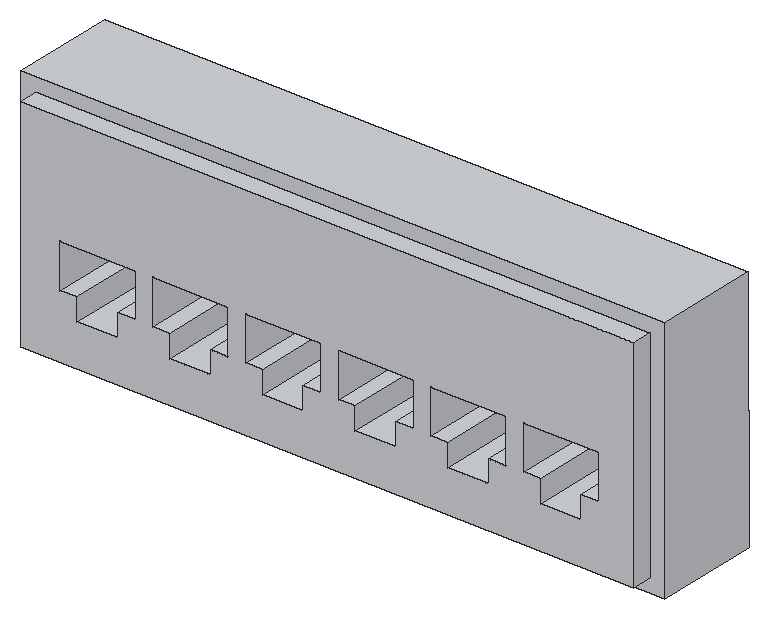
Revit family
Parameters (values of type "TEXT")
  Material ID = "760151183"
  Description = "SYSTIMAX 360 GigaSPEED X10D 1100GS6 Evolve U/UTP Distribution Module, 6 port"
Reference planes (in)
  plane 1 "Center (Front/Back)": y = 0
  plane 2: z = 0
  plane 3 "Center (Left/Right)": x = 0
Forms (in)
  Extrusion 1, solid
    sketch origin (0, 0, 0) x (1, 0, 0) y (0, 0, 1)
      loop
        line (-2.1, 0.805) -> (-2.1, -0.805) -> (2.1, -0.805) -> (2.1, 0.805) -> (-2.1, 0.805)
    from 0 to 0.81
  Extrusion 2, void
    sketch origin (0, 0, 0) x (1, 0, 0) y (0, 0, 1)
      loop
        line (-1.74, -0.005) -> (-1.74, -0.295) -> (-1.63, -0.295) -> (-1.63, -0.44156) -> (-1.3648, -0.44156) -> (-1.3648, -0.295) -> (-1.25, -0.295) -> (-1.25, -0.005) -> (-1.74, -0.005)
    from 2.19594 to -2.69951
  Extrusion 3, void
    sketch origin (0.60469, 0, 0) x (1, 0, 0) y (0, 0, 1)
      loop
        line (-1.74, -0.005) -> (-1.74, -0.295) -> (-1.63, -0.295) -> (-1.63, -0.44156) -> (-1.3648, -0.44156) -> (-1.3648, -0.295) -> (-1.25, -0.295) -> (-1.25, -0.005) -> (-1.74, -0.005)
    from 2.19594 to -2.69951
  Extrusion 4, void
    sketch origin (1.20938, 0, 0) x (1, 0, 0) y (0, 0, 1)
      loop
        line (-1.74, -0.005) -> (-1.74, -0.295) -> (-1.63, -0.295) -> (-1.63, -0.44156) -> (-1.3648, -0.44156) -> (-1.3648, -0.295) -> (-1.25, -0.295) -> (-1.25, -0.005) -> (-1.74, -0.005)
    from 2.19594 to -2.69951
  Extrusion 5, void
    sketch origin (1.81407, 0, 0) x (1, 0, 0) y (0, 0, 1)
      loop
        line (-1.74, -0.005) -> (-1.74, -0.295) -> (-1.63, -0.295) -> (-1.63, -0.44156) -> (-1.3648, -0.44156) -> (-1.3648, -0.295) -> (-1.25, -0.295) -> (-1.25, -0.005) -> (-1.74, -0.005)
    from 2.19594 to -2.69951
  Extrusion 6, void
    sketch origin (2.41876, 0, 0) x (1, 0, 0) y (0, 0, 1)
      loop
        line (-1.74, -0.005) -> (-1.74, -0.295) -> (-1.63, -0.295) -> (-1.63, -0.44156) -> (-1.3648, -0.44156) -> (-1.3648, -0.295) -> (-1.25, -0.295) -> (-1.25, -0.005) -> (-1.74, -0.005)
    from 2.19594 to -2.69951
  Extrusion 7, void
    sketch origin (3.02345, 0, 0) x (1, 0, 0) y (0, 0, 1)
      loop
        line (-1.74, -0.005) -> (-1.74, -0.295) -> (-1.63, -0.295) -> (-1.63, -0.44156) -> (-1.3648, -0.44156) -> (-1.3648, -0.295) -> (-1.25, -0.295) -> (-1.25, -0.005) -> (-1.74, -0.005)
    from 2.19594 to -2.69951
  Extrusion 8, void
    sketch origin (0, 0, 0) x (1, 0, 0) y (0, 0, 1)
      loop
        line (-2.00053, 0.715) -> (-2.00053, -0.71648) -> (1.99947, -0.71648) -> (1.99947, 0.715) -> (-2.00053, 0.715)
      loop
        line (-2.3429, 1.06604) -> (-2.3429, -1.07471) -> (2.31898, -1.07471) -> (2.31898, 1.06604) -> (-2.3429, 1.06604)
    from 0.67883 to 1.52361
Cuts and joins
  Extrusion 2, Extrusion 3, Extrusion 4, Extrusion 5, Extrusion 6, Extrusion 7, Extrusion 8 cuts Extrusion 1
Dimensions and locks (in)
  equal spacing: group 1, group 2, group 3, group 4, group 5, group 6  (x3)
